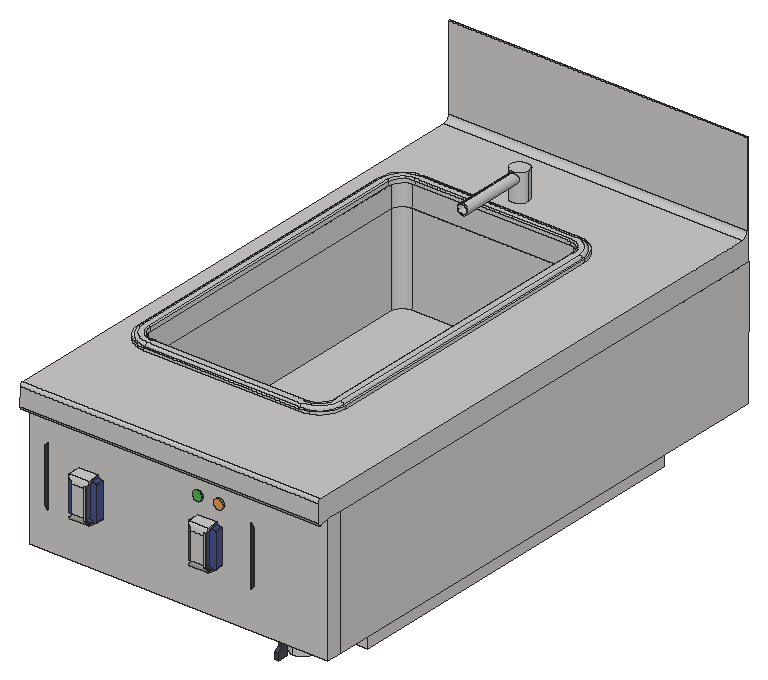
Revit family "QF_ELECTROLUXPROFESSIONAL_589923_HCBDBBDODM", category Specialty Equipment, Revit 2023 (continued)
Definition of nested family "ELX_ThermaLine_Small"
  Forms (mm)
    Extrusion 2, solid
      sketch origin (0, 0, 0) x (1, 0, 0) y (0, 1, 0)
        loop
          line (13.067, -4.895) -> (13.376, -5.848) -> (15.75, -5.848) -> (15.212, -4.193) -> (15.212, 0.38)
          arc (15.212, 0.38) -> (14.897, 1.849) -> (13.818, 2.895) r 2.585
          arc (13.818, 2.895) -> (11.792, 3.442) -> (9.719, 3.11) r 5.005
          arc (9.719, 3.11) -> (8.369, 2.178) -> (7.583, 0.738) r 3.54
        loop
          line (19.723, -5.848) -> (22.233, -5.848) -> (24.854, 6.484) -> (22.345, 6.484) -> (19.723, -5.848)
        loop
          line (24.583, -5.848) -> (26.953, -5.848) -> (28.848, 3.066) -> (26.478, 3.066) -> (24.583, -5.848)
        loop
          line (27.204, 6.484) -> (26.741, 4.305) -> (29.111, 4.305) -> (29.575, 6.484) -> (27.204, 6.484)
        loop
          line (29.355, -5.848) -> (31.849, -5.848) -> (33.098, 0.028)
          arc (33.098, 0.028) -> (34.169, 1.306) -> (35.832, 1.422) r 2.132
          arc (35.832, 1.422) -> (36.324, 0.752) -> (36.383, -0.078) r 1.5
          line (36.383, -0.078) -> (35.157, -5.848) -> (37.536, -5.848) -> (38.936, 0.738)
          arc (38.936, 0.738) -> (38.775, 2.091) -> (37.825, 3.066) r 2.118
          arc (37.825, 3.066) -> (35.392, 3.175) -> (33.295, 1.937) r 4.271
          line (33.295, 1.937) -> (33.535, 3.066) -> (31.25, 3.066) -> (29.355, -5.848)
        loop
          line (42.792, -0.64) -> (46.589, -0.64)
          arc (46.589, -0.64) -> (46.639, 0.124) -> (46.327, 0.823) r 1.589
          arc (46.327, 0.823) -> (45.117, 1.521) -> (43.762, 1.183) r 1.865
          arc (43.762, 1.183) -> (43.141, 0.344) -> (42.792, -0.64) r 3.538
        loop
          line (42.565, -2.138) -> (48.593, -2.138)
          arc (48.593, -2.138) -> (48.58, 0.597) -> (46.983, 2.818) r 4.494
          arc (46.983, 2.818) -> (44.191, 3.28) -> (41.725, 1.891) r 4.26
          arc (41.725, 1.891) -> (40.503, -0.3) -> (40.284, -2.799) r 6.003
          arc (40.284, -2.799) -> (40.959, -4.468) -> (42.377, -5.576) r 3.482
          arc (42.377, -5.576) -> (44.265, -5.961) -> (46.152, -5.576) r 4.823
          arc (46.152, -5.576) -> (47.432, -4.731) -> (48.328, -3.485) r 4.245
          line (48.328, -3.485) -> (46.168, -3.105)
          arc (46.168, -3.105) -> (45.214, -4.072) -> (43.859, -4.181) r 1.953
          arc (43.859, -4.181) -> (42.821, -3.408) -> (42.565, -2.138) r 1.81
        loop
          line (12.868, -1.553) -> (10.216, -2.214)
          arc (10.216, -2.214) -> (9.747, -3.136) -> (10.216, -4.058) r 1.14
          arc (10.216, -4.058) -> (11.537, -4.249) -> (12.614, -3.46) r 1.763
          arc (12.614, -3.46) -> (12.858, -2.522) -> (12.868, -1.553) r 3.97
      from 0 to 0.8
  Dimensions and locks
    aligned and locked: plane 2 to Extrusion 1
    aligned and locked: level to Extrusion 1
